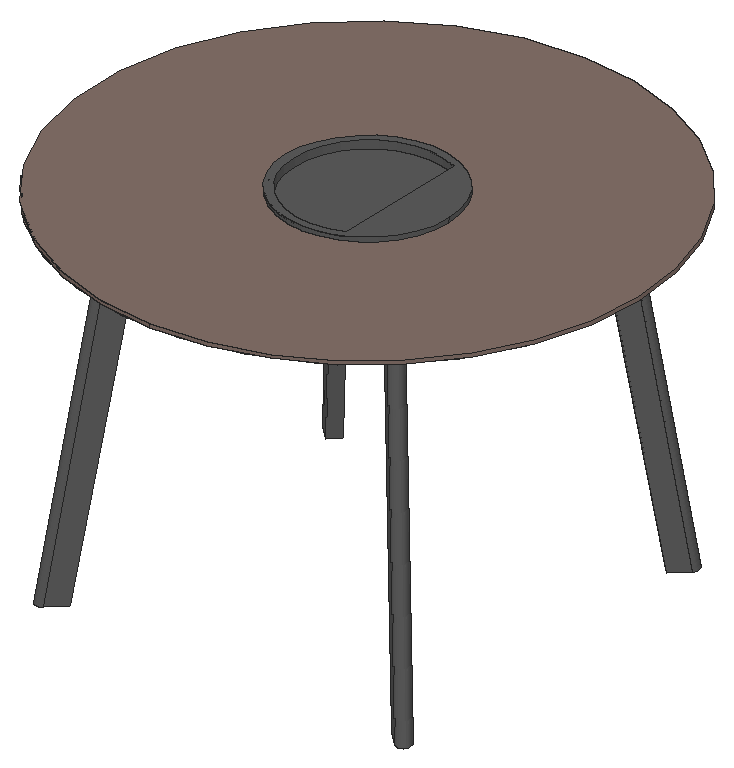
Revit family "Haworth_Immerse_SingleTable_Round", category Furniture Systems, Revit 2018
Family settings
  Round Connector Dimension = Use Diameter
  Part Type = Normal
  OmniClass Number = 23.40.70.14.64.21
  OmniClass Title = Systems Furniture
  Work Plane-Based = No
  Always vertical = Yes
  Cut with Voids When Loaded = No
  Shared = No
  Room Calculation Point = No
Parameters (values of type "60dia 39h - Round Planter")
  Warranty = "http://www.haworth.com/resources/product-info/warranties"
  Void Diameter = 17.66"
  Void Baseline Height = 18"  # constant formula
  Understucture Thickness = 1 69/128"  # constant formula
  Understuctuer Bottom = Actual Height - 2 35/64"  # 36 29/64"
  Understructure Inset = 15 177/256"  # constant formula
  Understructure Finish [instance] = Haworth _ Paint _ Black
  URL - Product = "http://www.haworth.com/products/tables/collaborative/immerse"
  Top Finish [instance] = Haworth _ Wood _ Walnut
  Standard Height = "29, 36, 39 in."  # constant formula
  Standard Diameter = "48, 60 in."  # constant formula
  Small = no
  Size = "Verify Final Dim w/ Haworth"  # constant formula
  Round Planter Void Height = if(Round Planter, 24", 6")  # 24"
  Round Planter = yes
  Planter Finish [instance] = Haworth _ Paint _ Black
  Model = "THRN"
  URL = "https://www.haworth.com/na/en.html"
  Revision Number = "1"  # constant formula
  Manufacturer = "Haworth"  # constant formula
  Leg Finish [instance] = Haworth _ Wood _ Ink On Ash
  Large = not(Small)  # yes
  Description = "Haworth Immerse Single Table Single Round - 60dia 39h - Round Planter"
  Blend Bottom Diameter = Actual Depth - 4"  # 56"
  Author = "Haworth (Bentzen)"  # constant formula
  Assembly Code = "E2020200"
  Actual Height = if([39 in. Height], 39", if([36 in. Height], 36", 29"))  # 39"
  Actual Depth = if(Small, 48", 60")  # 60"
  39 in. Height = not(or([29 in. Height], [36 in. Height]))  # yes
  36 in. Height = no
  29 in. Height = no
Types (7): name | Understuctuer Bottom | Small | Large | Description | Blend Bottom Diameter | Actual Height | Actual Depth | 39 in. Height | 36 in. Height | 29 in. Height
  (no name) | 36 29/64" | no | yes | "Haworth Immerse Single Table Single Round - 60dia 39h - Round Planter" | 56" | 39" | 60" | yes | no | no
  48dia 36h - Round Planter | 33 29/64" | yes | no | "Haworth Immerse Single Table Single Round - 48dia 36h - Round Planter" | 44" | 36" | 48" | no | yes | no
  48dia 29h - Round Planter | 26 29/64" | yes | no | "Haworth Immerse Single Table Single Round - 48dia 29h - Round Planter" | 44" | 29" | 48" | no | no | yes
  48dia 39h - Round Planter | 36 29/64" | yes | no | "Haworth Immerse Single Table Single Round - 48dia 39h - Round Planter" | 44" | 39" | 48" | yes | no | no
  60dia 29h - Round Planter | 26 29/64" | no | yes | "Haworth Immerse Single Table Single Round - 60dia 29h - Round Planter" | 56" | 29" | 60" | no | no | yes
  60dia 36h - Round Planter | 33 29/64" | no | yes | "Haworth Immerse Single Table Single Round - 60dia 36h - Round Planter" | 56" | 36" | 60" | no | yes | no
  60dia 39h - Round Planter | 36 29/64" | no | yes | "Haworth Immerse Single Table Single Round - 60dia 39h - Round Planter" | 56" | 39" | 60" | yes | no | no
Reference planes (in)
  plane 1 "Center F/B": y = 18.84134
  plane 2 "Floor": z = 0
  plane 3 "Center L/R": x = -1.5
  plane 4 "Table Edge Left": x = -31.5
  plane 5 "Table Edge Right": x = 28.5
  plane 6 "Table Edge Front": y = -11.15866
  plane 7 "Table Edge Back": y = 48.84134
  plane 8 "Round Top": z = 39
  plane 9 "Round Mid": z = 38.62445
  plane 10 "Round Bottom": z = 37.81195
  plane 11 "Void Bottom": z = 18
  plane 12 "Upper Void Top": z = 42
  plane 13 "Understructure Bottom": z = 35.26446
  plane 14: x = -15.80859
  plane 15: y = 4.53275
  plane 16: x = 12.80859
  plane 17: y = 33.14993
Forms (in)
  Extrusion 1, solid, material "Haworth _ Wood _ Walnut" <- "Top Finish"
    sketch origin (136.55833, 98.8321, 29.12443) x (0, -1, 0) y (1, 0, 0)
      loop
        circle (79.99076, -138.05833) r 30
    from 9.50002 to 9.87557
  Blend 2, solid, material "Haworth _ Wood _ Walnut" <- "Top Finish"
    base sketch origin (0, 0, 0) x (1, 0, 0) y (0, 1, 0)
      loop
        circle (-1.5, 18.84134) r 28
    top sketch origin (0, 0, 0) x (1, 0, 0) y (0, 1, 0)
      loop
        circle (-1.5, 18.84134) r 30
    from 37.81195 to 38.62445
  Extrusion 3, solid, material "Haworth _ Paint _ Black" <- "Understructure Finish"
    sketch origin (-105.91453, 59.76073, 0) x (-1, 0, 0) y (0, -1, 0)
      loop
        line (-118.72312, 28.14962) -> (-117.18406, 28.14962) -> (-117.18406, 53.68915) -> (-118.72312, 53.68915) -> (-118.72312, 28.14962)
    from 35.26446 to 37.81195
  Extrusion 4, solid, material "Haworth _ Paint _ Black" <- "Understructure Finish"
    sketch origin (39.41939, -85.57319, 0) x (0, -1, 0) y (1, 0, 0)
      loop
        line (-118.72312, -26.61079) -> (-118.72312, -55.22798) -> (-117.18406, -55.22798) -> (-117.18406, -26.61079) -> (-118.72312, -26.61079)
    from 35.26446 to 37.81195
  Extrusion 5, solid, material "Haworth _ Paint _ Black" <- "Understructure Finish"
    sketch origin (-42.41939, 123.25587, 0) x (0, 1, 0) y (-1, 0, 0)
      loop
        line (-118.72312, -26.61079) -> (-118.72312, -55.22798) -> (-117.18406, -55.22798) -> (-117.18406, -26.61079) -> (-118.72312, -26.61079)
    from 35.26446 to 37.81195
  Extrusion 6, solid, material "Haworth _ Paint _ Black" <- "Understructure Finish"
    sketch origin (102.91453, 59.76073, 0) x (1, 0, 0) y (0, 1, 0)
      loop
        line (-118.72312, -28.14962) -> (-118.72312, -53.68915) -> (-117.18406, -53.68915) -> (-117.18406, -28.14962) -> (-118.72312, -28.14962)
    from 35.26446 to 37.81195
  Extrusion 7, void
    sketch origin (-2.94144, 43.49318, 18) x (1, 0, 0) y (0, 1, 0)
      loop
        line (5.61887, -32.52387) -> (5.61887, -29.65184) -> (8.9046, -29.65184)
        arc (8.9046, -29.65184) -> (10.33, -24.84134) -> (8.9046, -20.03084) r 8.83
        line (8.9046, -20.03084) -> (5.61887, -20.03084) -> (5.61887, -16.7798)
        arc (5.61887, -16.7798) -> (-7.21113, -24.65184) -> (5.61887, -32.52387) r 8.83
    from 0 to 24
Cuts and joins
  Extrusion 7 cuts Extrusion 1
  Extrusion 7 cuts Blend 2
  joined: Extrusion 3, Extrusion 4, Extrusion 5, Extrusion 6
Lines and regions (in)
  Masking region 1
    outline origin (3.02956, -0.91252, 0) x (1, 0, 0) y (0, 1, 0)
      loop
        circle (-4.52956, 19.75386) r 30
  symbolic lines, style "Haworth Hidden", detail levels fine
    curve 1: line (11.70364, 33.14993, 0) -> (-14.70364, 33.14993, 0)
    curve 2: line (12.80859, 5.6377, 0) -> (12.80859, 32.04498, 0)
    curve 3: line (-14.26953, 31.61087, 0) -> (11.26953, 31.61087, 0)
    curve 4: line (11.26953, 31.61087, 0) -> (11.26953, 6.07181, 0)
    curve 5: line (11.26953, 6.07181, 0) -> (-14.26953, 6.07181, 0)
    curve 6: line (-14.26953, 6.07181, 0) -> (-14.26953, 31.61087, 0)
    curve 7: line (-15.80859, 32.04498, 0) -> (-15.80859, 5.6377, 0)
    curve 8: line (-14.70364, 4.53275, 0) -> (11.70364, 4.53275, 0)
    curve 9: line (11.70364, 33.14993, 0) -> (17.85119, 39.29748, 0)
    curve 10: line (18.95614, 38.19253, 0) -> (12.80859, 32.04498, 0)
    curve 11: arc (17.85119, 39.29748, 0) -> (18.95614, 39.29748, 0) -> (18.95614, 38.19253, 0) r 0.78132
    curve 12: line (-14.70364, 33.14993, 0) -> (-20.85119, 39.29748, 0)
    curve 13: line (-21.95614, 38.19253, 0) -> (-15.80859, 32.04498, 0)
    curve 14: arc (-20.85119, 39.29748, 0) -> (-21.95614, 39.29748, 0) -> (-21.95614, 38.19253, 0) r 0.78132
    curve 15: line (-14.70364, 4.53275, 0) -> (-20.85119, -1.6148, 0)
    curve 16: line (-21.95614, -0.50985, 0) -> (-15.80859, 5.6377, 0)
    curve 17: arc (-20.85119, -1.6148, 0) -> (-21.95614, -1.6148, 0) -> (-21.95614, -0.50985, 0) r 0.78132
    curve 18: line (11.70364, 4.53275, 0) -> (17.85119, -1.6148, 0)
    curve 19: line (18.95614, -0.50985, 0) -> (12.80859, 5.6377, 0)
    curve 20: arc (17.85119, -1.6148, 0) -> (18.95614, -1.6148, 0) -> (18.95614, -0.50985, 0) r 0.78132
Dimensions and locks (in)
  "Actual Depth": plane 7 "Table Edge Back" to plane 6 "Table Edge Front"
  "Actual Depth": plane 4 "Table Edge Left" to plane 5 "Table Edge Right"
  equal spacing: plane 4 "Table Edge Left", plane 3 "Center L/R", plane 5 "Table Edge Right"
  equal spacing: plane 7 "Table Edge Back", plane 1 "Center F/B", plane 6 "Table Edge Front"
  "Actual Height": plane 8 "Round Top" to level
  "Void Baseline Height": plane 11 "Void Bottom" to plane 2 "Floor"
  "Round Planter Void Height": plane 12 "Upper Void Top" to plane 11 "Void Bottom"
  locked: plane 9 "Round Mid" to plane 10 "Round Bottom" at 0.8125
  locked: plane 8 "Round Top" to plane 9 "Round Mid" at 0.37555
  locked: plane 10 "Round Bottom" to plane 13 "Understructure Bottom" at 2.54748
  "Understructure Inset": plane 4 "Table Edge Left" to plane 14
  "Understucture Thickness": Extrusion 3 to Extrusion 3
  "Understucture Thickness": Extrusion 4 to Extrusion 4
  "Understucture Thickness": Extrusion 5 to Extrusion 5
  "Understucture Thickness": Extrusion 6 to Extrusion 6
  "Understructure Inset": plane 6 "Table Edge Front" to plane 15
  "Understructure Inset": plane 7 "Table Edge Back" to plane 17
  "Understructure Inset": plane 16 to plane 5 "Table Edge Right"
  "Actual Depth": diameter of Extrusion 1 sketch curve
  "Blend Bottom Diameter": diameter of Blend 2 sketch curve
  "Actual Depth": diameter of Blend 2 sketch curve
  "Actual Depth": diameter of Masking region 1 sketch curve
  "Void Diameter": diameter of Extrusion 7
  aligned and locked: Extrusion 1 to plane 8 "Round Top"
  aligned and locked: plane 9 "Round Mid" to Extrusion 1
  aligned and locked: plane 1 "Center F/B" to Extrusion 1 sketch curve
  aligned and locked: plane 3 "Center L/R" to Extrusion 1 sketch curve
  aligned and locked: plane 3 "Center L/R" to Blend 2 sketch curve  (x2)
  aligned and locked: plane 1 "Center F/B" to Blend 2 sketch curve  (x2)
  aligned and locked: Blend 2 to plane 9 "Round Mid"
  aligned and locked: plane 10 "Round Bottom" to Blend 2
  aligned and locked: nested 1 to plane 14
  aligned and locked: nested 1 to plane 15
  aligned and locked: plane 14 to nested 3
  aligned and locked: plane 17 to nested 3
  aligned and locked: nested 4 to plane 16
  aligned and locked: nested 4 to plane 17
  aligned and locked: plane 15 to nested 2
  aligned and locked: plane 16 to nested 2
  aligned and locked: Extrusion 6 to plane 14
  aligned and locked: Extrusion 6 to Extrusion 6  (x3)
  aligned and locked: Extrusion 4 to Extrusion 4  (x2)
  aligned and locked: Extrusion 3 to Extrusion 3  (x2)
  aligned and locked: Extrusion 5 to Extrusion 5
  aligned and locked: Extrusion 7 sketch curve to plane 1 "Center F/B"
  aligned and locked: Extrusion 7 to plane 12 "Upper Void Top"
  aligned and locked: Extrusion 5 to plane 10 "Round Bottom"
  aligned and locked: Extrusion 4 to plane 10 "Round Bottom"
  aligned and locked: Extrusion 6 to plane 10 "Round Bottom"
  aligned and locked: Extrusion 3 to plane 10 "Round Bottom"
  aligned and locked: Extrusion 5 to plane 13 "Understructure Bottom"
  aligned and locked: Extrusion 4 to plane 13 "Understructure Bottom"
  aligned and locked: Extrusion 6 to plane 13 "Understructure Bottom"
  aligned and locked: Extrusion 3 to plane 13 "Understructure Bottom"
  aligned and locked: plane 3 "Center L/R" to nested 5
  aligned and locked: nested 5 to plane 1 "Center F/B"
  aligned and locked: plane 8 "Round Top" to nested 5
Automatic sketch dimensions
  plane 1 "Center F/B" to Masking region 1 sketch curve = 0"
  Masking region 1 sketch curve to plane 3 "Center L/R" = 0"
  plane 3 "Center L/R" to Extrusion 7 sketch curve = 0.05856"
  plane 3 "Center L/R" to Extrusion 7 sketch curve = 4.17742"  (x2)
  Extrusion 7 sketch curve to Extrusion 7 sketch curve = 3.28573"  (x2)
  plane 1 "Center F/B" to Extrusion 7 sketch curve = 0.1895"
  plane 1 "Center F/B" to Extrusion 7 sketch curve = 5"
  Extrusion 7 sketch curve to Extrusion 7 sketch curve = 2.87203"
  plane 3 "Center L/R" to Extrusion 7 sketch curve = 0.17742"
  Extrusion 3 sketch curve to plane 16 = 0"
  Extrusion 3 sketch curve to Extrusion 3 sketch curve = 1 69/128"
  plane 15 to Extrusion 3 sketch curve = 1.53883"
  plane 17 to Extrusion 3 sketch curve = 1.53883"
  Extrusion 4 sketch curve to plane 14 = 0"
  Extrusion 4 sketch curve to plane 17 = 0"
  Extrusion 4 sketch curve to plane 16 = 0"
  Extrusion 4 sketch curve to Extrusion 4 sketch curve = 1 69/128"
  plane 15 to Extrusion 5 sketch curve = 0"
  Extrusion 5 sketch curve to plane 14 = 0"
  Extrusion 5 sketch curve to plane 16 = 0"
  Extrusion 5 sketch curve to plane 15 = 1 69/128"
  Extrusion 6 sketch curve to plane 14 = 0"
  plane 14 to Extrusion 6 sketch curve = 1 69/128"
  Extrusion 6 sketch curve to plane 15 = 1.53883"
  Extrusion 6 sketch curve to plane 17 = 1.53883"
  curve 13 to plane 14 = 0"
  plane 15 to curve 15 = 0"
  curve 1 to plane 17 = 0"
  curve 2 to plane 16 = 0"
  curve 15 to plane 14 = 5.04259"
  curve 12 to plane 14 = 5.04259"
  curve 17 to curve 15 = 0.55248"
  curve 14 to curve 12 = 0.55248"
  curve 16 to curve 17 = 0.55248"
  curve 13 to curve 14 = 0.55248"  (x2)
  plane 14 to curve 15 = 1.10495"
  plane 14 to curve 1 = 1.10495"
  plane 14 to curve 5 = 1 69/128"
  plane 16 to curve 4 = 1 69/128"
  plane 16 to curve 9 = 1.10495"
  plane 16 to curve 8 = 1.10495"
  curve 9 to plane 16 = 5.04259"
  curve 18 to plane 16 = 5.04259"
  curve 18 to curve 20 = 0.55248"
  curve 9 to curve 11 = 0.55248"
  curve 11 to curve 10 = 0.55248"
  curve 20 to curve 19 = 0.55248"  (x2)
  plane 15 to curve 16 = 5.04259"
  plane 15 to curve 19 = 5.04259"
  curve 17 to curve 16 = 0.55248"
  curve 16 to plane 15 = 1.10495"
  curve 2 to plane 15 = 1.10495"
  curve 6 to plane 15 = 1 69/128"
  curve 6 to plane 17 = 1 69/128"
  curve 10 to plane 17 = 1.10495"
  plane 17 to curve 10 = 5.04259"
  plane 17 to curve 13 = 5.04259"
  curve 10 to curve 11 = 0.55248"
  curve 13 to plane 17 = 1.10495"
Nested families (in)
  nested 1: "Haworth_Immerse_SingleTable_Leg_Part" at (-6.08847, -6.0891, 0), Understructure Finish <- "Understructure Finish", Leg Finish <- "Leg Finish", type "Leg"
    with Understructure Finish Haworth _ Paint _ Black, Leg Finish Haworth _ Wood _ Ink On Ash
  nested 2: "Haworth_Immerse_SingleTable_Leg_Part" at (3.08847, -6.0891, 0) x (-1, 0, 0) z (0, 0, 1), Understructure Finish <- "Understructure Finish", Leg Finish <- "Leg Finish", type "Leg"
    with Understructure Finish Haworth _ Paint _ Black, Leg Finish Haworth _ Wood _ Ink On Ash
  nested 3: "Haworth_Immerse_SingleTable_Leg_Part" at (-6.08847, 43.77178, 0), Understructure Finish <- "Understructure Finish", Leg Finish <- "Leg Finish", type "Leg"
    with Understructure Finish Haworth _ Paint _ Black, Leg Finish Haworth _ Wood _ Ink On Ash
  nested 4: "Haworth_Immerse_SingleTable_Leg_Part" at (3.08847, 43.77178, 0) x (-1, 0, 0) z (0, 0, 1), Understructure Finish <- "Understructure Finish", Leg Finish <- "Leg Finish", type "Leg"
    with Understructure Finish Haworth _ Paint _ Black, Leg Finish Haworth _ Wood _ Ink On Ash
  nested 5: "Haworth_Immerse_Planter_Round" at (39, 30, 9.50002), Planter Finish <- "Planter Finish", visible <- "Round Planter", type "EHPR"
    with Planter Finish Haworth _ Paint _ Black
Definition of nested family "Haworth_Immerse_SingleTable_Leg_Part"
  Parameters (values of type "Leg")
    Warranty = "http://www.haworth.com/product-info/warranties"
    Understuctuer Bottom = Actual Height - 2 35/64"  # 36 29/64"
    Understructure Finish [instance] = none
    URL - Product = "http://www.haworth.com/products/tables/collaborative/immerse"
    Standard Height = "29, 36, 39 in."  # constant formula
    Standard Diameter = "48, 60 in."  # constant formula
    Size = "Verify Final Dim w/ Haworth"  # constant formula
    Model = ""
    URL = "http://www.haworth.com/"
    Revision Number = "1"  # constant formula
    Manufacturer = "Haworth"  # constant formula
    Leg Finish [instance] = none
    Description = "Haworth Immerse Single Table Single Leg"
    Author = "Haworth (Bentzen)"  # constant formula
    Assembly Code = "E2020200"
    Actual Height = 39"
    Actual Depth = 48"  # constant formula
  Reference planes (in)
    plane 1 "Floor": z = 0
    plane 2 "Round Top": z = 39
    plane 3 "Round Mid": z = 38.62445
    plane 4 "Round Bottom": z = 37.81195
    plane 5 "Understructure Bottom": z = 35.26446
    plane 6: y = 10.62184
    plane 7: x = -9.72012
  Forms (in)
    Blend 1, solid, material <- "Leg Finish"
      base sketch origin (-307.08785, -76.3313, 0) x (1, 0, 0) y (0, 1, 0)
        loop
          line (292.80658, 83.4847) -> (291.2243, 81.90243)
          arc (291.2243, 81.90243) -> (291.2243, 80.80641) -> (292.32032, 80.80641) r 0.775
          line (292.32032, 80.80641) -> (293.90259, 82.38869) -> (292.80658, 83.4847)
      top sketch origin (-307.08785, -76.3313, 0) x (1, 0, 0) y (0, 1, 0)
        loop
          line (297.39155, 88.06968) -> (295.6378, 86.31593)
          arc (295.6378, 86.31593) -> (295.6378, 85.21991) -> (296.73382, 85.21991) r 0.775
          line (296.73382, 85.21991) -> (298.48757, 86.97366) -> (297.39155, 88.06968)
      from 0 to 37.81195
  Lines and regions (in)
    symbolic lines, detail levels fine
      curve 1: line (-9.72012, 11.71456, 0) -> (-15.86355, 5.57112, 0)
      curve 2: arc (-14.76754, 4.47511, 0) -> (-15.86355, 4.47511, 0) -> (-15.86355, 5.57112, 0) r 0.775
      curve 3: line (-14.76754, 4.47511, 0) -> (-8.6208, 10.62184, 0)
      curve 4: line (-9.72012, 11.71456, 0) -> (-15.86355, 5.57112, 0)
  Dimensions and locks (in)
    "Actual Height": plane 2 "Round Top" to level
    locked: plane 3 "Round Mid" to plane 4 "Round Bottom" at 0.8125
    locked: plane 2 "Round Top" to plane 3 "Round Mid" at 0.37555
    plane 4 "Round Bottom" to plane 5 "Understructure Bottom" = 2.54748"
    level to Blend 1 = 37.81195"
    aligned and locked: Blend 1 to plane 4 "Round Bottom"
    aligned and locked: Blend 1 to level
  Automatic sketch dimensions
    Blend 1 sketch curve to Blend 1 sketch curve = 0.54801"  (x6)
    Blend 1 sketch curve to Blend 1 sketch curve = 1.58228"
    Blend 1 sketch curve to Blend 1 sketch curve = 1.09601"
    Blend 1 sketch curve to Blend 1 sketch curve = 1.75375"
    Blend 1 sketch curve to Blend 1 sketch curve = 1.09602"
    plane 7 to Blend 1 sketch curve = 6.14343"
    Blend 1 sketch curve to plane 6 = 1.73324"
    Blend 1 sketch curve to plane 6 = 6.14674"
    plane 7 to Blend 1 sketch curve = 1.72993"
    plane 7 to curve 1 = 6.14343"
    curve 2 to curve 2 = 0.54801"  (x2)
    curve 2 to plane 6 = 5.59873"
    curve 2 to curve 1 = 0.54801"
    plane 6 to curve 1 = 1.09271"
    plane 6 to curve 3 = 0"
    curve 3 to plane 7 = 1.09932"
    curve 4 to plane 7 = 0"
Definition of nested family "Haworth_Immerse_Planter_Round"
  Parameters
    Warranty = "http://www.haworth.com/product-info/warranties"
    URL - Product = "http://www.haworth.com/products/tables/collaborative/immerse"
    Planter Finish [instance] = none
    Model = "EHPR"
    URL = "http://www.haworth.com/"
    Revision Number = "1"  # constant formula
    Manufacturer = "Haworth"  # constant formula
    Description = "Haworth Immerse Planter Round"
    Author = "Haworth (Hampton)"  # constant formula
    Assembly Code = "E2020200"
  Reference planes (in)
    plane 1 "Floor": z = 0
    plane 2 "Center L/R": x = -40.5
    plane 3 "Center": y = -11.15866
    plane 4 "Surface Top": z = 29.49998
    plane 5 "Side Bottom": z = 28.74998
    plane 6: x = -49.50001
    plane 7: x = -31.50001
    plane 8: y = -2.15866
    plane 9: y = -20.15866
    plane 10 "Center Bottom": z = 25.548
    plane 11 "Planter Top": z = 30.24998
  Forms (in)
    Extrusion 1, solid, material <- "Planter Finish"
      sketch origin (0, 0, 35.87445) x (0, -1, 0) y (1, 0, 0)
        loop
          circle (11.15866, -40.5) r 9
      from -6.37446 to -5.93901
    Extrusion 2, solid, material <- "Planter Finish"
      sketch origin (0, 0, 35.87445) x (0, -1, 0) y (1, 0, 0)
        loop
          line (18.52386, -36.40146) -> (3.79346, -36.40145)
          arc (3.79346, -36.40145) -> (3.45471, -36.50121) -> (3.22411, -36.76865) r 0.625
          arc (3.22411, -36.76865) -> (11.15865, -49.07145) -> (19.09321, -36.76866) r 8.71005
          arc (19.09321, -36.76866) -> (18.86261, -36.50122) -> (18.52386, -36.40146) r 0.625
      from -7.12446 to -6.37446
    Extrusion 3, void
      sketch origin (0, 0, 35.87445) x (0, -1, 0) y (1, 0, 0)
        loop
          arc (3.79346, -36.90145) -> (3.72571, -36.92141) -> (3.67959, -36.97489) r 0.125
          arc (3.67959, -36.97489) -> (11.15865, -48.57145) -> (18.63773, -36.9749) r 8.21005
          arc (18.63773, -36.9749) -> (18.59161, -36.92141) -> (18.52386, -36.90146) r 0.125
          line (18.52386, -36.90146) -> (3.79346, -36.90145)
      from -6.82746 to -5.62446
  Cuts and joins
    Extrusion 3 cuts Extrusion 1
    Extrusion 3 cuts Extrusion 2
    joined: Extrusion 1, Extrusion 2
  Lines and regions (in)
    Masking region 1
      outline origin (0, 0, 35.87445) x (0, -1, 0) y (1, 0, 0)
        loop
          circle (11.15866, -40.5) r 9
  Dimensions and locks (in)
    plane 9 to plane 3 "Center" to plane 8 = 9", 9"
    plane 6 to plane 2 "Center L/R" to plane 7 = 9", 9"
    aligned and locked: plane 4 "Surface Top" to Extrusion 1
    aligned and locked: plane 5 "Side Bottom" to Extrusion 2
    aligned and locked: Extrusion 2 to plane 4 "Surface Top"
    aligned and locked: Extrusion 3 to plane 11 "Planter Top"
